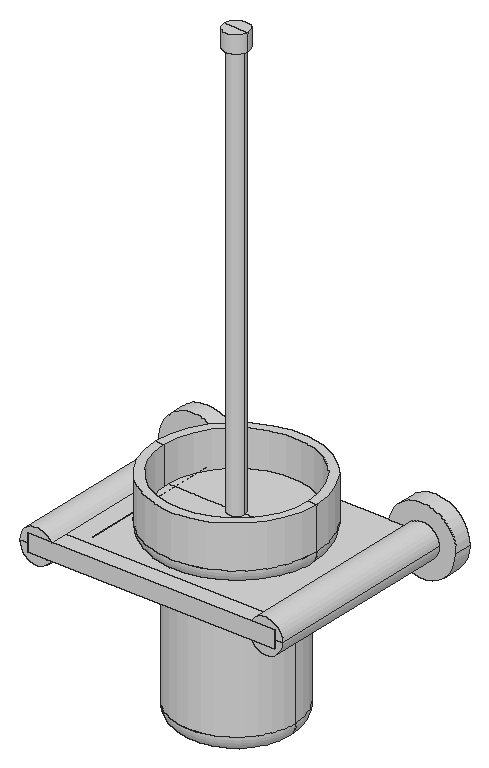
Revit family "Reece_Accessory_Mizu_Drift_Toilet Brush and Holder", category Plumbing Fixtures, Revit 2018
Family settings
  Round Connector Dimension = Use Diameter
  Part Type = Normal
  Work Plane-Based = Yes
  Always vertical = Yes
  Cut with Voids When Loaded = Yes
  Shared = Yes
  Room Calculation Point = Yes
Parameters (values of type "Chrome")
  URL = "https://www.reece.com.au/product/-2202028"
  Type Comments = "Accessory"
  Reece_Product_Web Page = "https://www.reece.com.au/product/-2202028"
  Reece_Product_Type = "Accessory"  # constant formula
  Reece_Product_Sub Brand = "Drift"  # constant formula
  Reece_Product_Number = "2202028"
  Reece_Product_Mount = "Wall Mounted"
  Reece_Product_Description = "Mizu Drift Toilet Brush & Holder Chrome"
  Reece_Product_Brand = "Mizu"  # constant formula
  Reece_Overall_Width = 175 mm  # constant formula
  Reece_Overall_Projection = 125 mm  # constant formula
  Reece_Material_Main = Reece_Brass_Chrome
  Reece_Height_From_Level [instance] = 200 mm
  Reece_Fixing_Distance = 135 mm  # constant formula
  Reece_Detail_Installation = "Wall Mounted"  # constant formula
  Reece_Detail_Disclaimer = "THIS FILE IS THE PROPERTY OF THE REECE GROUP. IT MAY NOT BE REPRODUCED, REVERSE-ENGINEERED OR MODIFIED. ANY REPUBLICATION, TRANSMISSION OR DISTRIBUTION FOR THE PURPOSE OF COMMERCIALLY EXPLOITING THE FILES IS PROHIBITED."  # constant formula
  Reece_Detail_Additional = ""
  Model = "Drift"
  Manufacturer = "Mizu"
  Keynote = "Product #2202028, Reece_Accessory_Mizu_Drift_Toilet Brush and Holder - Chrome"
  Disclaimer = "THIS FILE IS THE PROPERTY OF THE REECE GROUP. IT MAY NOT BE REPRODUCED, REVERSE-ENGINEERED OR MODIFIED. ANY REPUBLICATION, TRANSMISSION OR DISTRIBUTION FOR THE PURPOSE OF COMMERCIALLY EXPLOITING THE FILES IS PROHIBITED."  # constant formula
  Description = "Mizu Drift Toilet Brush & Holder Chrome"
  Default Elevation = 0 mm
Types (3, lengths in mm): name | URL | Reece_Product_Web Page | Reece_Product_Number | Reece_Product_Description | Reece_Material_Main | Keynote | Description
  (no name) | "https://www.reece.com.au/product/-2202028" | "https://www.reece.com.au/product/-2202028" | "2202028" | "Mizu Drift Toilet Brush & Holder Chrome" | Reece_Brass_Chrome | "Product #2202028, Reece_Accessory_Mizu_Drift_Toilet Brush and Holder -  " | "Mizu Drift Toilet Brush & Holder Chrome"
  Chrome | "https://www.reece.com.au/product/-2202028" | "https://www.reece.com.au/product/-2202028" | "2202028" | "Mizu Drift Toilet Brush & Holder Chrome" | Reece_Brass_Chrome | "Product #2202028, Reece_Accessory_Mizu_Drift_Toilet Brush and Holder - Chrome" | "Mizu Drift Toilet Brush & Holder Chrome"
  Matte Black | "https://www.reece.com.au/product/-9506780" | "https://www.reece.com.au/product/-9506780" | "9506780" | "Mizu Drift Toilet Brush & Holder Matte Black" | Reece_Brass_Matte Black | "Product #9506780, Reece_Accessory_Mizu_Drift_Toilet Brush and Holder - Matte Black" | "Mizu Drift Toilet Brush & Holder Matte Black"
Reference planes
  plane 1 "Center (Front/Back)": y = 0
  plane 2 "Bottom Host Plane": z = -5
  plane 3 "Center (Left/Right)": x = 0
  plane 4 "Height From Floor": z = 200
  plane 5: x = -67.5
  plane 6: x = 67.5
  plane 7: x = -87.5
  plane 8: x = 87.5
Forms (mm)
  Revolve 1, solid, material "Reece_Brass_Chrome" <- "Reece_Material_Main"
    sketch origin (0, 0, 200) x (-1, 0, 0) y (0, -1, 0)
      loop
        line (67.5, 0) -> (67.5, 125) -> (57.5, 125) -> (57.5, 10) -> (47.5, 10) -> (47.5, 0) -> (67.5, 0)
      axis (67.5, 0) -> (67.5, 125)
    angle from 0 to 360
  Revolve 2, solid, material "Reece_Brass_Chrome" <- "Reece_Material_Main"
    sketch origin (0, 0, 200) x (-1, 0, 0) y (0, -1, 0)
      loop
        line (-67.5, 0) -> (-67.5, 125) -> (-77.5, 125) -> (-77.5, 10) -> (-87.5, 10) -> (-87.5, 0) -> (-67.5, 0)
      axis (-67.5, 0) -> (-67.5, 125)
    angle from 0 to 360
  Extrusion 3, solid, material "Reece_Brass_Chrome" <- "Reece_Material_Main"
    sketch origin (0, 0, 343.994) x (0, 1, 0) y (0, 0, 1)
      loop
        line (-125, -138.994) -> (-125, -148.994) -> (-115, -148.994) -> (-115, -148.194) -> (-124.2, -148.194) -> (-124.2, -139.794) -> (-115, -139.794) -> (-115, -138.994) -> (-125, -138.994)
    from -72.646 to 72.646
  Revolve 4, solid, material "Reece_Brass_Chrome" <- "Reece_Material_Main"
    sketch origin (0, -62.5, 343.994) x (1, 0, 0) y (0, 0, 1)
      loop
        arc (-47.5, -133.994) -> (-44.571, -141.065) -> (-37.5, -143.994) r 10
        line (-37.5, -143.994) -> (-35, -143.994) -> (-35, -228.994)
        arc (-35, -228.994) -> (-32.071, -236.065) -> (-25, -238.994) r 10
        line (-25, -238.994) -> (0, -238.994) -> (0, -233.994) -> (-25, -233.994)
        arc (-25, -233.994) -> (-28.536, -232.53) -> (-30, -228.994) r 5
        line (-30, -228.994) -> (-30, -138.994) -> (-37.5, -138.994)
        arc (-37.5, -138.994) -> (-41.036, -137.53) -> (-42.5, -133.994) r 5
        line (-42.5, -133.994) -> (-42.5, -108.994) -> (-47.5, -108.994) -> (-47.5, -133.994)
      axis (0, -108.994) -> (0, -238.994)
    angle from 0 to 360
  Extrusion 5, solid, material "Reece_Brass_Chrome" <- "Reece_Material_Main"
    sketch origin (0, 0, 200) x (-1, 0, 0) y (0, -1, 0)
      loop
        line (72.646, 10) -> (72.646, 124.2) -> (-72.646, 124.2) -> (-72.646, 10) -> (72.646, 10)
      loop
        circle (0, 62.5) r 40
    from -4.2 to 4.2
  Revolve 6, solid, material "Reece_Brass_Chrome" <- "Reece_Material_Main"
    sketch origin (0, -62.5, 343.994) x (1, 0, 0) y (0, 0, 1)
      loop
        line (0, 126.006) -> (-7, 126.006) -> (-7, 116.006) -> (-5, 116.006) -> (-5, -128.994) -> (-40, -128.994) -> (-40, -133.994) -> (-5, -133.994) -> (-5, -178.994) -> (-28, -178.994) -> (-28, -207.744)
        arc (-28, -207.744) -> (-20.678, -225.422) -> (-3, -232.744) r 25
        line (-3, -232.744) -> (0, -232.744) -> (0, 126.006)
      axis (0, 126.006) -> (0, -232.744)
    angle from 0 to 360
  Extrusion 7, void
    sketch origin (0, 0, 200) x (-1, 0, 0) y (0, -1, 0)
      loop
        line (72.646, 10) -> (72.646, 125) -> (50.457, 125) -> (50.457, 10) -> (72.646, 10)
      loop
        line (-72.646, 10) -> (-50.457, 10) -> (-50.457, 130) -> (-72.646, 130) -> (-72.646, 10)
    from -5 to 5
Cuts and joins
  Extrusion 7 cuts Revolve 1
  Extrusion 7 cuts Revolve 2
Lines and regions (mm)
  model lines, style "InvisibleLines"
    curve 1: line (0, 0, -5) -> (0, 0, 200)
Text (mm)
  text "Reece ©" at (2668.853, -2395.367, 2952.593), in view "Reece Preview"
  text "Reece Copyright © 2018, Reece Ltd." at (-247.475, -190.626, 0), in view "Ref. Level"
Dimensions and locks
  plane 2 "Bottom Host Plane" to level = 5 mm
  locked: level to plane 2 "Bottom Host Plane" at 5
  Extrusion 3 to Extrusion 3 to plane 4 "Height From Floor" to Extrusion 3 to Extrusion 3 = 0.8 mm locked, 4.2 mm locked, 4.2 mm locked, 0.8 mm locked
  Revolve 4 sketch curve to Revolve 4 sketch curve to plane 4 "Height From Floor" to Revolve 4 sketch curve to Revolve 4 sketch curve to Revolve 4 sketch curve to Revolve 4 sketch curve to Revolve 4 sketch curve = 5 mm locked, 90 mm, 0 mm locked, 5 mm locked, 5 mm locked, 0 mm locked, 25 mm locked
  locked: plane 4 "Height From Floor" to Revolve 6 at 270
  "Reece_Height_From_Level": plane 4 "Height From Floor" to level
  "Reece_Fixing_Distance": plane 5 to plane 6
  "Reece_Overall_Width": plane 7 to plane 8
  "Reece_Overall_Projection": Extrusion 3 to plane 1 "Center (Front/Back)"
  "Reece_Overall_Width": cut or joined group of Revolve 1, Extrusion 7 to plane 8
  "Reece_Overall_Projection": plane 1 "Center (Front/Back)" to cut or joined group of Revolve 1, Extrusion 7
  Revolve 6 to Revolve 4 = 365 mm
  aligned and locked: plane 2 "Bottom Host Plane" to curve 1
  aligned and locked: plane 4 "Height From Floor" to curve 1
  aligned and locked: Revolve 6 sketch curve to plane 3 "Center (Left/Right)"
Automatic sketch dimensions
  curve 1 to plane 3 "Center (Left/Right)" = 0 mm
  plane 1 "Center (Front/Back)" to Revolve 1 sketch curve = 0 mm  (x2)
  Revolve 1 sketch curve to plane 5 = 0 mm  (x2)
  Revolve 1 sketch curve to plane 5 = 10 mm
  Revolve 1 sketch curve to Revolve 1 sketch curve = 10 mm  (x2)
  plane 1 "Center (Front/Back)" to Revolve 1 sketch curve = 10 mm
  Revolve 1 sketch curve to Revolve 1 sketch curve = 115 mm
  Revolve 2 sketch curve to plane 8 = 0 mm
  Revolve 2 sketch curve to plane 6 = 0 mm  (x2)
  plane 1 "Center (Front/Back)" to Revolve 2 sketch curve = 0 mm  (x2)
  Revolve 2 sketch curve to Revolve 2 sketch curve = 10 mm  (x2)
  plane 1 "Center (Front/Back)" to Revolve 2 sketch curve = 10 mm
  Revolve 2 sketch curve to Revolve 2 sketch curve = 115 mm
  Extrusion 3 sketch curve to plane 4 "Height From Floor" = 5 mm
  plane 1 "Center (Front/Back)" to Extrusion 3 sketch curve = 125 mm
  Extrusion 3 sketch curve to Extrusion 3 sketch curve = 0.8 mm  (x3)
  plane 4 "Height From Floor" to Extrusion 3 sketch curve = 4.2 mm
  Extrusion 3 sketch curve to Extrusion 3 sketch curve = 9.2 mm
  Extrusion 3 sketch curve to Extrusion 3 sketch curve = 0 mm
  Extrusion 5 sketch curve to Extrusion 5 sketch curve = 0 mm  (x2)
  Extrusion 5 sketch curve to plane 3 "Center (Left/Right)" = 0 mm
  plane 6 to Extrusion 5 sketch curve = 5.146 mm
  plane 5 to Extrusion 5 sketch curve = 5.146 mm
  plane 1 "Center (Front/Back)" to Extrusion 5 sketch curve = 10 mm
  plane 1 "Center (Front/Back)" to Extrusion 5 sketch curve = 62.5 mm
  Extrusion 5 sketch curve to Extrusion 5 sketch curve = 61.7 mm
  Extrusion 5 sketch curve to plane 6 = 27.5 mm
  Revolve 6 sketch curve to plane 3 "Center (Left/Right)" = 0 mm
  Revolve 6 sketch curve to plane 3 "Center (Left/Right)" = 3 mm
  Revolve 6 sketch curve to plane 3 "Center (Left/Right)" = 5 mm  (x2)
  Revolve 6 sketch curve to plane 3 "Center (Left/Right)" = 7 mm
  Revolve 6 sketch curve to Revolve 6 sketch curve = 25 mm
  Revolve 6 sketch curve to plane 5 = 27.5 mm
  Revolve 6 sketch curve to plane 4 "Height From Floor" = 88.75 mm
  Revolve 6 sketch curve to Revolve 6 sketch curve = 28.75 mm
  plane 4 "Height From Floor" to Revolve 6 sketch curve = 10 mm
  Revolve 6 sketch curve to Revolve 6 sketch curve = 5 mm
  Revolve 6 sketch curve to Revolve 6 sketch curve = 245 mm
  Revolve 6 sketch curve to Revolve 6 sketch curve = 10 mm
  Revolve 6 sketch curve to Revolve 6 sketch curve = 36.335 mm
  Revolve 6 sketch curve to Revolve 6 sketch curve = 54.915 mm
  plane 6 to Extrusion 7 sketch curve = 5.146 mm
  Extrusion 7 sketch curve to plane 6 = 17.043 mm
  Extrusion 7 sketch curve to plane 5 = 17.043 mm
  plane 5 to Extrusion 7 sketch curve = 5.146 mm
  plane 1 "Center (Front/Back)" to Extrusion 7 sketch curve = 10 mm  (x2)
  Extrusion 7 sketch curve to Extrusion 7 sketch curve = 115 mm
  Extrusion 7 sketch curve to Extrusion 7 sketch curve = 120 mm
  Revolve 4 sketch curve to Revolve 4 sketch curve = 0 mm  (x3)
  Revolve 4 sketch curve to plane 3 "Center (Left/Right)" = 0 mm  (x2)
  Revolve 4 sketch curve to plane 3 "Center (Left/Right)" = 25 mm
  Revolve 4 sketch curve to plane 3 "Center (Left/Right)" = 30 mm
  Revolve 4 sketch curve to Revolve 4 sketch curve = 2.5 mm
  Revolve 4 sketch curve to Revolve 4 sketch curve = 40.085 mm
  Revolve 4 sketch curve to Revolve 4 sketch curve = 64.915 mm
